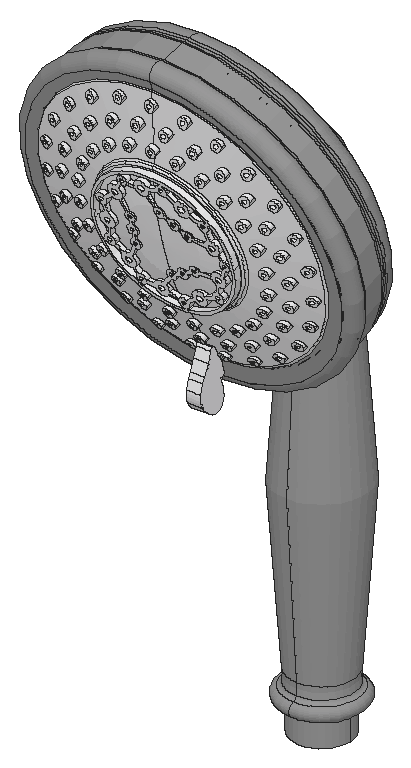
Revit family "Shower-Handshower-KOHLER-RAIN_DUET-K-98952T_1", category Plumbing Fixtures, host Face, Revit 2017 (continued)
Definition of nested family "K-98952T"
  Lines and regions (in)
    symbolic lines, detail levels medium+fine
      curve 473: spline (1.36501, 0, 7.89025) -> (1.36223, 0, 7.90806) -> (1.35488, 0, 7.92437) -> (1.34347, 0, 7.93809) -> (1.32876, 0, 7.94831) -> (1.31172, 0, 7.95434) -> (1.2935, 0, 7.95578) -> (1.27532, 0, 7.95253) -> (1.25839, 0, 7.94481) -> (1.24384, 0, 7.93313) -> (1.23264, 0, 7.91829) -> (1.22555, 0, 7.90126) -> (1.22304, 0, 7.88318)
      curve 474: spline (1.2227, 0, 7.88316) -> (1.22548, 0, 7.86537) -> (1.23281, 0, 7.84906) -> (1.24421, 0, 7.83535) -> (1.25892, 0, 7.82514) -> (1.27595, 0, 7.81911) -> (1.29417, 0, 7.81768) -> (1.31235, 0, 7.82092) -> (1.32929, 0, 7.82864) -> (1.34384, 0, 7.84031) -> (1.35504, 0, 7.85515) -> (1.36214, 0, 7.87217) -> (1.36466, 0, 7.89023)
      curve 475: spline (1.32459, 0, 7.89293) -> (1.32214, 0, 7.9004) -> (1.31781, 0, 7.90692) -> (1.31189, 0, 7.91205) -> (1.30477, 0, 7.91546) -> (1.29694, 0, 7.91691) -> (1.2889, 0, 7.91631) -> (1.2812, 0, 7.9137) -> (1.27434, 0, 7.90926) -> (1.2688, 0, 7.90327) -> (1.26492, 0, 7.89614) -> (1.26298, 0, 7.88834) -> (1.2631, 0, 7.88039)
      curve 476: spline (1.2631, 0, 7.88039) -> (1.26552, 0, 7.87288) -> (1.26984, 0, 7.86631) -> (1.27576, 0, 7.86113) -> (1.2829, 0, 7.85769) -> (1.29076, 0, 7.85622) -> (1.29883, 0, 7.85682) -> (1.30656, 0, 7.85944) -> (1.31343, 0, 7.86392) -> (1.31898, 0, 7.86994) -> (1.32284, 0, 7.87711) -> (1.32476, 0, 7.88495) -> (1.32459, 0, 7.89293)
      curve 477: spline (1.83122, 0, 8.1964) -> (1.8281, 0, 8.20353) -> (1.82342, 0, 8.20963) -> (1.81742, 0, 8.21434) -> (1.81045, 0, 8.21742) -> (1.80289, 0, 8.21868) -> (1.79516, 0, 8.21807) -> (1.78769, 0, 8.21561) -> (1.7809, 0, 8.21144) -> (1.77515, 0, 8.20579) -> (1.77078, 0, 8.19897) -> (1.76802, 0, 8.19137) -> (1.76703, 0, 8.18341)
      curve 478: spline (1.65903, 0, 7.88939) -> (1.65398, 0, 7.90663) -> (1.64466, 0, 7.92176) -> (1.63168, 0, 7.93379) -> (1.61588, 0, 7.94192) -> (1.5983, 0, 7.94564) -> (1.5801, 0, 7.94468) -> (1.56246, 0, 7.93912) -> (1.54654, 0, 7.92933) -> (1.53339, 0, 7.91593) -> (1.52385, 0, 7.89982) -> (1.51857, 0, 7.88203) -> (1.51788, 0, 7.86375)
      curve 479: spline (1.51788, 0, 7.86375) -> (1.52289, 0, 7.84648) -> (1.53219, 0, 7.83132) -> (1.54517, 0, 7.81927) -> (1.56098, 0, 7.81111) -> (1.57858, 0, 7.80739) -> (1.5968, 0, 7.80834) -> (1.61447, 0, 7.81391) -> (1.63041, 0, 7.82372) -> (1.64358, 0, 7.83714) -> (1.65311, 0, 7.85329) -> (1.65837, 0, 7.8711) -> (1.65903, 0, 7.88939)
      curve 480: spline (1.62626, 0, 7.88337) -> (1.62352, 0, 7.8926) -> (1.61851, 0, 7.90069) -> (1.61154, 0, 7.90712) -> (1.60307, 0, 7.91146) -> (1.59365, 0, 7.91343) -> (1.58391, 0, 7.9129) -> (1.57447, 0, 7.90991) -> (1.56596, 0, 7.90466) -> (1.55893, 0, 7.89747) -> (1.55384, 0, 7.88883) -> (1.55103, 0, 7.87931) -> (1.55067, 0, 7.86951)
      curve 481: spline (1.62626, 0, 7.88337) -> (1.62396, 0, 7.89314) -> (1.61914, 0, 7.9018) -> (1.61215, 0, 7.90875) -> (1.60347, 0, 7.91349) -> (1.59373, 0, 7.91569) -> (1.58361, 0, 7.9152) -> (1.57382, 0, 7.91204) -> (1.56505, 0, 7.90644) -> (1.55793, 0, 7.89881) -> (1.55295, 0, 7.88967) -> (1.55048, 0, 7.87967) -> (1.55067, 0, 7.86951)
      curve 482: spline (1.85576, 0, 7.73439) -> (1.85757, 0, 7.72615) -> (1.86139, 0, 7.71881) -> (1.86697, 0, 7.71283) -> (1.87396, 0, 7.70861) -> (1.88191, 0, 7.7064) -> (1.89031, 0, 7.70635) -> (1.89862, 0, 7.70847) -> (1.90632, 0, 7.71261) -> (1.91291, 0, 7.71851) -> (1.91797, 0, 7.7258) -> (1.92118, 0, 7.73401) -> (1.92233, 0, 7.74261)
      curve 483: spline (1.92233, 0, 7.74261) -> (1.92052, 0, 7.75084) -> (1.9167, 0, 7.75818) -> (1.91112, 0, 7.76414) -> (1.90414, 0, 7.76836) -> (1.89619, 0, 7.77057) -> (1.8878, 0, 7.77062) -> (1.87949, 0, 7.7685) -> (1.87179, 0, 7.76437) -> (1.8652, 0, 7.75847) -> (1.86014, 0, 7.75119) -> (1.85692, 0, 7.74298) -> (1.85576, 0, 7.73439)
      curve 484: spline (1.96023, 0, 7.74745) -> (1.9564, 0, 7.76502) -> (1.94828, 0, 7.78066) -> (1.93638, 0, 7.79339) -> (1.92147, 0, 7.8024) -> (1.9045, 0, 7.8071) -> (1.88655, 0, 7.80719) -> (1.86877, 0, 7.80268) -> (1.85229, 0, 7.79385) -> (1.83816, 0, 7.78126) -> (1.82729, 0, 7.76572) -> (1.82037, 0, 7.74821) -> (1.81784, 0, 7.72987)
      curve 485: spline (1.81784, 0, 7.72987) -> (1.82166, 0, 7.71229) -> (1.82977, 0, 7.69663) -> (1.84167, 0, 7.68389) -> (1.85658, 0, 7.67488) -> (1.87356, 0, 7.67017) -> (1.89151, 0, 7.67007) -> (1.9093, 0, 7.67459) -> (1.92579, 0, 7.68343) -> (1.93992, 0, 7.69603) -> (1.95079, 0, 7.71158) -> (1.95771, 0, 7.7291) -> (1.96023, 0, 7.74745)
      curve 486: spline (1.4098, 0, 7.55644) -> (1.40768, 0, 7.57411) -> (1.40095, 0, 7.5904) -> (1.39008, 0, 7.60423) -> (1.37578, 0, 7.61468) -> (1.35902, 0, 7.62105) -> (1.34091, 0, 7.62291) -> (1.32265, 0, 7.62015) -> (1.30547, 0, 7.61293) -> (1.29052, 0, 7.60176) -> (1.27879, 0, 7.58736) -> (1.27107, 0, 7.57071) -> (1.26786, 0, 7.55292)
      curve 487: spline (1.26786, 0, 7.55292) -> (1.27002, 0, 7.53527) -> (1.27677, 0, 7.51901) -> (1.28765, 0, 7.5052) -> (1.30194, 0, 7.49477) -> (1.31869, 0, 7.48842) -> (1.33678, 0, 7.48656) -> (1.35501, 0, 7.48932) -> (1.37217, 0, 7.49652) -> (1.38711, 0, 7.50767) -> (1.39884, 0, 7.52204) -> (1.40657, 0, 7.53867) -> (1.4098, 0, 7.55644)
      curve 488: spline (1.37149, 0, 7.55541) -> (1.3705, 0, 7.56355) -> (1.3674, 0, 7.57105) -> (1.36239, 0, 7.57742) -> (1.35581, 0, 7.58223) -> (1.3481, 0, 7.58516) -> (1.33977, 0, 7.58602) -> (1.33137, 0, 7.58475) -> (1.32347, 0, 7.58143) -> (1.3166, 0, 7.57628) -> (1.31121, 0, 7.56966) -> (1.30766, 0, 7.56199) -> (1.30619, 0, 7.55379)
      curve 489: spline (1.30619, 0, 7.55379) -> (1.30719, 0, 7.54566) -> (1.31029, 0, 7.53817) -> (1.3153, 0, 7.5318) -> (1.32188, 0, 7.527) -> (1.32959, 0, 7.52407) -> (1.33792, 0, 7.52321) -> (1.34631, 0, 7.52448) -> (1.3542, 0, 7.5278) -> (1.36108, 0, 7.53294) -> (1.36647, 0, 7.53956) -> (1.37002, 0, 7.54722) -> (1.37149, 0, 7.55541)
      curve 490: spline (1.68514, 0, 7.48931) -> (1.68345, 0, 7.50704) -> (1.67721, 0, 7.52342) -> (1.66682, 0, 7.53735) -> (1.65297, 0, 7.54794) -> (1.63657, 0, 7.55448) -> (1.61869, 0, 7.55655) -> (1.60051, 0, 7.55401) -> (1.58321, 0, 7.54703) -> (1.56794, 0, 7.53606) -> (1.55569, 0, 7.52183) -> (1.54727, 0, 7.50526) -> (1.54323, 0, 7.48745)
      curve 491: spline (1.54323, 0, 7.48745) -> (1.54498, 0, 7.46975) -> (1.55126, 0, 7.45342) -> (1.56166, 0, 7.43952) -> (1.5755, 0, 7.42897) -> (1.59188, 0, 7.42245) -> (1.60972, 0, 7.42039) -> (1.62787, 0, 7.42292) -> (1.64513, 0, 7.42988) -> (1.66038, 0, 7.44081) -> (1.67263, 0, 7.45501) -> (1.68106, 0, 7.47153) -> (1.68514, 0, 7.48931)
      curve 492: spline (1.64565, 0, 7.48874) -> (1.64488, 0, 7.49662) -> (1.64209, 0, 7.50388) -> (1.63747, 0, 7.51007) -> (1.63133, 0, 7.51476) -> (1.62406, 0, 7.51767) -> (1.61613, 0, 7.51859) -> (1.60808, 0, 7.51746) -> (1.60043, 0, 7.51436) -> (1.59367, 0, 7.5095) -> (1.58825, 0, 7.50318) -> (1.58453, 0, 7.49583) -> (1.58274, 0, 7.48793)
      curve 493: spline (1.64565, 0, 7.48874) -> (1.64533, 0, 7.49701) -> (1.64281, 0, 7.50472) -> (1.63826, 0, 7.51135) -> (1.63201, 0, 7.51641) -> (1.6245, 0, 7.51955) -> (1.61626, 0, 7.52055) -> (1.60789, 0, 7.51934) -> (1.59996, 0, 7.516) -> (1.59305, 0, 7.51076) -> (1.58764, 0, 7.50401) -> (1.58412, 0, 7.49621) -> (1.58274, 0, 7.48793)
      curve 494: spline (1.58274, 0, 7.48612) -> (1.58398, 0, 7.47835) -> (1.58721, 0, 7.47129) -> (1.5922, 0, 7.46542) -> (1.59864, 0, 7.46111) -> (1.6061, 0, 7.45864) -> (1.6141, 0, 7.45819) -> (1.62211, 0, 7.45977) -> (1.6296, 0, 7.46329) -> (1.63609, 0, 7.46852) -> (1.64115, 0, 7.4751) -> (1.64445, 0, 7.48262) -> (1.64578, 0, 7.49057)
      curve 495: spline (1.92809, 0, 7.28019) -> (1.92789, 0, 7.29802) -> (1.92313, 0, 7.31471) -> (1.91413, 0, 7.32919) -> (1.90147, 0, 7.34053) -> (1.88596, 0, 7.34799) -> (1.8686, 0, 7.3511) -> (1.85051, 0, 7.34966) -> (1.83285, 0, 7.34376) -> (1.81677, 0, 7.33377) -> (1.80329, 0, 7.32035) -> (1.7933, 0, 7.30435) -> (1.78742, 0, 7.28681)
      curve 496: spline (1.89386, 0, 7.28183) -> (1.89371, 0, 7.29098) -> (1.89124, 0, 7.29954) -> (1.88661, 0, 7.30697) -> (1.88011, 0, 7.31279) -> (1.87217, 0, 7.31663) -> (1.86329, 0, 7.31825) -> (1.85403, 0, 7.31753) -> (1.84501, 0, 7.31453) -> (1.83678, 0, 7.30943) -> (1.82989, 0, 7.30257) -> (1.82476, 0, 7.29438) -> (1.82174, 0, 7.28539)
      curve 497: spline (1.82174, 0, 7.28539) -> (1.8219, 0, 7.27625) -> (1.82437, 0, 7.2677) -> (1.829, 0, 7.26027) -> (1.8355, 0, 7.25446) -> (1.84344, 0, 7.25062) -> (1.85231, 0, 7.24901) -> (1.86156, 0, 7.24973) -> (1.87058, 0, 7.25273) -> (1.8788, 0, 7.25782) -> (1.8857, 0, 7.26467) -> (1.89083, 0, 7.27285) -> (1.89386, 0, 7.28183)
      curve 498: spline (1.78742, 0, 7.28681) -> (1.78777, 0, 7.26907) -> (1.79262, 0, 7.25247) -> (1.80167, 0, 7.23809) -> (1.81433, 0, 7.22684) -> (1.82979, 0, 7.21943) -> (1.84708, 0, 7.21634) -> (1.86508, 0, 7.21777) -> (1.88266, 0, 7.22362) -> (1.89868, 0, 7.23353) -> (1.91213, 0, 7.24685) -> (1.92214, 0, 7.26274) -> (1.92809, 0, 7.28019)
      curve 499: spline (1.36466, 0, 7.2243) -> (1.36223, 0, 7.24158) -> (1.35521, 0, 7.2574) -> (1.34408, 0, 7.2707) -> (1.32958, 0, 7.28058) -> (1.31267, 0, 7.2864) -> (1.2945, 0, 7.28776) -> (1.27627, 0, 7.28456) -> (1.2592, 0, 7.27703) -> (1.24444, 0, 7.26567) -> (1.23297, 0, 7.25123) -> (1.22556, 0, 7.23468) -> (1.2227, 0, 7.21713)
      curve 500: spline (1.22318, 0, 7.21715) -> (1.22563, 0, 7.19984) -> (1.23267, 0, 7.184) -> (1.24381, 0, 7.17068) -> (1.25833, 0, 7.16077) -> (1.27524, 0, 7.15494) -> (1.29342, 0, 7.15358) -> (1.31164, 0, 7.15678) -> (1.3287, 0, 7.16432) -> (1.34346, 0, 7.17571) -> (1.35492, 0, 7.19017) -> (1.36231, 0, 7.20674) -> (1.36516, 0, 7.22432)
      curve 501: spline (1.32452, 0, 7.21538) -> (1.32526, 0, 7.2232) -> (1.3239, 0, 7.23081) -> (1.32054, 0, 7.23772) -> (1.31539, 0, 7.24345) -> (1.3088, 0, 7.24763) -> (1.30121, 0, 7.24997) -> (1.29313, 0, 7.25032) -> (1.28509, 0, 7.24866) -> (1.27764, 0, 7.24509) -> (1.27127, 0, 7.23986) -> (1.2664, 0, 7.23331) -> (1.26336, 0, 7.22589)
      curve 502: spline (1.26336, 0, 7.22589) -> (1.26259, 0, 7.21806) -> (1.26394, 0, 7.21044) -> (1.26729, 0, 7.20352) -> (1.27244, 0, 7.19778) -> (1.27903, 0, 7.19359) -> (1.28663, 0, 7.19125) -> (1.29473, 0, 7.19089) -> (1.30278, 0, 7.19256) -> (1.31024, 0, 7.19614) -> (1.31662, 0, 7.20138) -> (1.32149, 0, 7.20794) -> (1.32452, 0, 7.21538)
      curve 503: spline (1.60646, 0, 7.10981) -> (1.60408, 0, 7.12695) -> (1.59716, 0, 7.14253) -> (1.58616, 0, 7.15552) -> (1.57181, 0, 7.16507) -> (1.55506, 0, 7.17054) -> (1.53701, 0, 7.17158) -> (1.51885, 0, 7.16811) -> (1.50178, 0, 7.16036) -> (1.48692, 0, 7.14885) -> (1.47527, 0, 7.13433) -> (1.46757, 0, 7.11776) -> (1.46435, 0, 7.10024)
      curve 504: spline (1.4653, 0, 7.1003) -> (1.46772, 0, 7.08312) -> (1.47466, 0, 7.06751) -> (1.48568, 0, 7.05449) -> (1.50004, 0, 7.04493) -> (1.5168, 0, 7.03945) -> (1.53486, 0, 7.03841) -> (1.55302, 0, 7.04188) -> (1.57008, 0, 7.04964) -> (1.58492, 0, 7.06117) -> (1.59656, 0, 7.07571) -> (1.60424, 0, 7.09231) -> (1.60744, 0, 7.10986)
      curve 505: spline (1.56768, 0, 7.09894) -> (1.56872, 0, 7.10713) -> (1.5676, 0, 7.11513) -> (1.56437, 0, 7.12239) -> (1.55925, 0, 7.12845) -> (1.55257, 0, 7.13291) -> (1.54479, 0, 7.13548) -> (1.5364, 0, 7.13597) -> (1.52796, 0, 7.13437) -> (1.52003, 0, 7.13077) -> (1.51313, 0, 7.12542) -> (1.50771, 0, 7.11867) -> (1.50413, 0, 7.11095)
      curve 506: spline (1.56768, 0, 7.09894) -> (1.56918, 0, 7.10738) -> (1.56837, 0, 7.11571) -> (1.56528, 0, 7.12334) -> (1.56015, 0, 7.12973) -> (1.55332, 0, 7.13443) -> (1.54529, 0, 7.13711) -> (1.53661, 0, 7.13759) -> (1.52789, 0, 7.13583) -> (1.51976, 0, 7.13194) -> (1.51278, 0, 7.12622) -> (1.50745, 0, 7.11906) -> (1.50413, 0, 7.11095)
      curve 507: spline (1.50306, 0, 7.10271) -> (1.50401, 0, 7.09536) -> (1.50674, 0, 7.08859) -> (1.5111, 0, 7.08277) -> (1.51685, 0, 7.07822) -> (1.52366, 0, 7.0752) -> (1.53117, 0, 7.07387) -> (1.53895, 0, 7.07431) -> (1.54658, 0, 7.07649) -> (1.55362, 0, 7.08029) -> (1.5597, 0, 7.0855) -> (1.56447, 0, 7.09184) -> (1.56768, 0, 7.09894)
      curve 508: spline (1.78152, 0, 6.85654) -> (1.77942, 0, 6.87338) -> (1.77281, 0, 6.8886) -> (1.7621, 0, 6.9012) -> (1.74802, 0, 6.91036) -> (1.73147, 0, 6.91548) -> (1.71353, 0, 6.91622) -> (1.69539, 0, 6.91253) -> (1.67822, 0, 6.90467) -> (1.66315, 0, 6.89313) -> (1.65116, 0, 6.87868) -> (1.64304, 0, 6.86226) -> (1.63931, 0, 6.84493)
      curve 509: spline (1.64119, 0, 6.84507) -> (1.64332, 0, 6.82818) -> (1.64998, 0, 6.81292) -> (1.66071, 0, 6.80029) -> (1.67481, 0, 6.79111) -> (1.69138, 0, 6.78598) -> (1.70932, 0, 6.78523) -> (1.72746, 0, 6.78892) -> (1.74461, 0, 6.7968) -> (1.75967, 0, 6.80836) -> (1.77164, 0, 6.82285) -> (1.77974, 0, 6.83931) -> (1.78344, 0, 6.85668)
      curve 510: spline (1.74446, 0, 6.85338) -> (1.74344, 0, 6.86136) -> (1.7403, 0, 6.86857) -> (1.73523, 0, 6.87455) -> (1.72857, 0, 6.87889) -> (1.72075, 0, 6.88132) -> (1.71229, 0, 6.88167) -> (1.70373, 0, 6.87993) -> (1.69564, 0, 6.8762) -> (1.68855, 0, 6.87074) -> (1.68292, 0, 6.86389) -> (1.67911, 0, 6.85611) -> (1.67738, 0, 6.8479)
      curve 511: spline (1.67827, 0, 6.84797) -> (1.67928, 0, 6.83999) -> (1.68242, 0, 6.83279) -> (1.68749, 0, 6.82682) -> (1.69415, 0, 6.82248) -> (1.70196, 0, 6.82006) -> (1.71042, 0, 6.8197) -> (1.71898, 0, 6.82145) -> (1.72707, 0, 6.82517) -> (1.73417, 0, 6.83063) -> (1.73981, 0, 6.83747) -> (1.74362, 0, 6.84524) -> (1.74536, 0, 6.85344)
      curve 512: spline (1.43512, 0, 6.75877) -> (1.43311, 0, 6.77555) -> (1.42648, 0, 6.79086) -> (1.41567, 0, 6.80368) -> (1.40141, 0, 6.81314) -> (1.38464, 0, 6.81862) -> (1.36651, 0, 6.81974) -> (1.34821, 0, 6.81643) -> (1.33098, 0, 6.80891) -> (1.31597, 0, 6.79769) -> (1.30419, 0, 6.78352) -> (1.29642, 0, 6.76734) -> (1.29319, 0, 6.75025)
      curve 513: spline (1.29463, 0, 6.75033) -> (1.29667, 0, 6.7335) -> (1.30333, 0, 6.71814) -> (1.31416, 0, 6.70528) -> (1.32845, 0, 6.69579) -> (1.34522, 0, 6.69029) -> (1.36336, 0, 6.68917) -> (1.38166, 0, 6.69248) -> (1.39888, 0, 6.70002) -> (1.41388, 0, 6.71127) -> (1.42564, 0, 6.72548) -> (1.43338, 0, 6.74171) -> (1.43659, 0, 6.75886)
      curve 514: spline (1.39778, 0, 6.75641) -> (1.39682, 0, 6.7643) -> (1.3937, 0, 6.7715) -> (1.38862, 0, 6.77753) -> (1.38193, 0, 6.78198) -> (1.37408, 0, 6.78456) -> (1.36558, 0, 6.78509) -> (1.35701, 0, 6.78353) -> (1.34894, 0, 6.78) -> (1.34192, 0, 6.77472) -> (1.33642, 0, 6.76806) -> (1.3328, 0, 6.76045) -> (1.3313, 0, 6.75242)
      curve 515: spline (1.33198, 0, 6.75245) -> (1.33293, 0, 6.74457) -> (1.33605, 0, 6.73738) -> (1.34112, 0, 6.73136) -> (1.34781, 0, 6.72691) -> (1.35567, 0, 6.72434) -> (1.36416, 0, 6.72381) -> (1.37273, 0, 6.72537) -> (1.3808, 0, 6.72889) -> (1.38782, 0, 6.73416) -> (1.39334, 0, 6.74082) -> (1.39696, 0, 6.74842) -> (1.39847, 0, 6.75645)
      curve 516: spline (1.23163, 0, 6.91434) -> (1.22942, 0, 6.93134) -> (1.22259, 0, 6.94694) -> (1.21158, 0, 6.96008) -> (1.19713, 0, 6.96989) -> (1.18023, 0, 6.97569) -> (1.16201, 0, 6.97711) -> (1.14371, 0, 6.97403) -> (1.12654, 0, 6.96667) -> (1.11168, 0, 6.95553) -> (1.10013, 0, 6.94135) -> (1.09266, 0, 6.9251) -> (1.08978, 0, 6.90787)
      curve 517: spline (1.09057, 0, 6.9079) -> (1.0928, 0, 6.89085) -> (1.09966, 0, 6.8752) -> (1.11069, 0, 6.86201) -> (1.12515, 0, 6.85218) -> (1.14206, 0, 6.84636) -> (1.16028, 0, 6.84494) -> (1.17859, 0, 6.84802) -> (1.19574, 0, 6.8554) -> (1.21059, 0, 6.86657) -> (1.22213, 0, 6.88079) -> (1.22958, 0, 6.89709) -> (1.23245, 0, 6.91437)
      curve 518: spline (1.19411, 0, 6.91251) -> (1.19306, 0, 6.92049) -> (1.18985, 0, 6.92782) -> (1.18469, 0, 6.93399) -> (1.17792, 0, 6.9386) -> (1.17001, 0, 6.94132) -> (1.16148, 0, 6.94199) -> (1.15292, 0, 6.94054) -> (1.14489, 0, 6.93709) -> (1.13794, 0, 6.93186) -> (1.13255, 0, 6.9252) -> (1.12906, 0, 6.91757) -> (1.12772, 0, 6.90948)
      curve 519: spline (1.1281, 0, 6.9095) -> (1.12914, 0, 6.90152) -> (1.13234, 0, 6.89421) -> (1.1375, 0, 6.88804) -> (1.14427, 0, 6.88344) -> (1.15218, 0, 6.88072) -> (1.16071, 0, 6.88006) -> (1.16927, 0, 6.8815) -> (1.1773, 0, 6.88495) -> (1.18425, 0, 6.89017) -> (1.18965, 0, 6.89682) -> (1.19314, 0, 6.90444) -> (1.19449, 0, 6.91252)
      curve 520: spline (1.52818, 0, 6.46993) -> (1.52663, 0, 6.48631) -> (1.52041, 0, 6.50121) -> (1.50994, 0, 6.51363) -> (1.49592, 0, 6.52273) -> (1.47929, 0, 6.52791) -> (1.46118, 0, 6.5288) -> (1.4428, 0, 6.52536) -> (1.42539, 0, 6.51781) -> (1.41012, 0, 6.50666) -> (1.39802, 0, 6.49266) -> (1.3899, 0, 6.47676) -> (1.38631, 0, 6.46002)
      curve 521: spline (1.38876, 0, 6.46019) -> (1.39034, 0, 6.44374) -> (1.39659, 0, 6.42878) -> (1.40709, 0, 6.41631) -> (1.42114, 0, 6.40717) -> (1.43778, 0, 6.40197) -> (1.4559, 0, 6.40107) -> (1.47428, 0, 6.40452) -> (1.49168, 0, 6.41209) -> (1.50694, 0, 6.42328) -> (1.51902, 0, 6.43733) -> (1.52711, 0, 6.4533) -> (1.53067, 0, 6.4701)
      curve 522: spline (1.49018, 0, 6.46715) -> (1.48946, 0, 6.47463) -> (1.48661, 0, 6.48145) -> (1.48183, 0, 6.48713) -> (1.47544, 0, 6.49129) -> (1.46787, 0, 6.49366) -> (1.45963, 0, 6.49407) -> (1.45127, 0, 6.4925) -> (1.44336, 0, 6.48905) -> (1.43642, 0, 6.48395) -> (1.43093, 0, 6.47756) -> (1.42726, 0, 6.47029) -> (1.42564, 0, 6.46264)
      curve 523: spline (1.42676, 0, 6.46272) -> (1.42748, 0, 6.45524) -> (1.43032, 0, 6.44844) -> (1.4351, 0, 6.44277) -> (1.44148, 0, 6.43861) -> (1.44905, 0, 6.43625) -> (1.45729, 0, 6.43584) -> (1.46565, 0, 6.43741) -> (1.47357, 0, 6.44085) -> (1.48051, 0, 6.44594) -> (1.486, 0, 6.45233) -> (1.48969, 0, 6.45958) -> (1.49131, 0, 6.46722)
      curve 524: spline (1.17634, 0, 6.45735) -> (1.17463, 0, 6.47379) -> (1.16819, 0, 6.48888) -> (1.15747, 0, 6.50159) -> (1.14319, 0, 6.51105) -> (1.12634, 0, 6.51661) -> (1.10806, 0, 6.51789) -> (1.08961, 0, 6.51481) -> (1.07224, 0, 6.50757) -> (1.05715, 0, 6.49668) -> (1.04537, 0, 6.48287) -> (1.03769, 0, 6.46709) -> (1.03466, 0, 6.45041)
      curve 525: spline (1.03627, 0, 6.45049) -> (1.038, 0, 6.43399) -> (1.04445, 0, 6.41884) -> (1.0552, 0, 6.40607) -> (1.06949, 0, 6.39658) -> (1.08635, 0, 6.39099) -> (1.10464, 0, 6.3897) -> (1.12309, 0, 6.39279) -> (1.14046, 0, 6.40005) -> (1.15554, 0, 6.41099) -> (1.16731, 0, 6.42485) -> (1.17496, 0, 6.44069) -> (1.17797, 0, 6.45743)
      curve 526: spline (1.13896, 0, 6.45541) -> (1.13815, 0, 6.46311) -> (1.13514, 0, 6.47018) -> (1.13013, 0, 6.47613) -> (1.12346, 0, 6.48056) -> (1.1156, 0, 6.48316) -> (1.10707, 0, 6.48377) -> (1.09847, 0, 6.48233) -> (1.09037, 0, 6.47894) -> (1.08334, 0, 6.47384) -> (1.07785, 0, 6.46737) -> (1.07429, 0, 6.45998) -> (1.07288, 0, 6.45218)
      curve 527: spline (1.07364, 0, 6.45221) -> (1.07444, 0, 6.44453) -> (1.07745, 0, 6.43747) -> (1.08245, 0, 6.43153) -> (1.08912, 0, 6.4271) -> (1.09698, 0, 6.4245) -> (1.10551, 0, 6.4239) -> (1.11411, 0, 6.42534) -> (1.12221, 0, 6.42872) -> (1.12925, 0, 6.43382) -> (1.13474, 0, 6.44027) -> (1.13831, 0, 6.44765) -> (1.13972, 0, 6.45545)
      curve 528: spline (1.14838, 0, 6.15426) -> (1.14775, 0, 6.16263) -> (1.1446, 0, 6.17031) -> (1.13915, 0, 6.17678) -> (1.13178, 0, 6.18157) -> (1.123, 0, 6.18437) -> (1.11342, 0, 6.18497) -> (1.10372, 0, 6.18333) -> (1.09455, 0, 6.17957) -> (1.08657, 0, 6.17395) -> (1.08032, 0, 6.16686) -> (1.07624, 0, 6.15879) -> (1.07462, 0, 6.1503)
      curve 529: spline (1.07592, 0, 6.15037) -> (1.07654, 0, 6.14202) -> (1.07969, 0, 6.13435) -> (1.08513, 0, 6.12789) -> (1.0925, 0, 6.1231) -> (1.10128, 0, 6.12031) -> (1.11085, 0, 6.11971) -> (1.12057, 0, 6.12135) -> (1.12973, 0, 6.1251) -> (1.13772, 0, 6.13072) -> (1.14398, 0, 6.1378) -> (1.14806, 0, 6.14586) -> (1.14969, 0, 6.15433)
      curve 530: spline (1.18168, 0, 6.15615) -> (1.18049, 0, 6.17212) -> (1.17447, 0, 6.18677) -> (1.16404, 0, 6.1991) -> (1.14992, 0, 6.20824) -> (1.1331, 0, 6.21357) -> (1.11475, 0, 6.21471) -> (1.09613, 0, 6.21159) -> (1.07854, 0, 6.20441) -> (1.06321, 0, 6.19368) -> (1.05121, 0, 6.18015) -> (1.04335, 0, 6.16475) -> (1.0402, 0, 6.14856)
      curve 531: spline (1.04264, 0, 6.14868) -> (1.04384, 0, 6.13265) -> (1.04988, 0, 6.11793) -> (1.06032, 0, 6.10554) -> (1.07446, 0, 6.09635) -> (1.09129, 0, 6.09099) -> (1.10966, 0, 6.08984) -> (1.12829, 0, 6.09298) -> (1.14587, 0, 6.10018) -> (1.16119, 0, 6.11096) -> (1.17318, 0, 6.12455) -> (1.18101, 0, 6.14002) -> (1.18413, 0, 6.15628)
      curve 532: spline (0.54174, 0, 9.38735) -> (0.53955, 0, 9.40621) -> (0.53244, 0, 9.42382) -> (0.52092, 0, 9.43892) -> (0.50582, 0, 9.45041) -> (0.48822, 0, 9.45748) -> (0.4694, 0, 9.45962) -> (0.4507, 0, 9.45666) -> (0.43348, 0, 9.44882) -> (0.41897, 0, 9.43668) -> (0.40821, 0, 9.42109) -> (0.40198, 0, 9.40319) -> (0.40073, 0, 9.38425)
      curve 533: spline (0.39951, 0, 9.38419) -> (0.40172, 0, 9.36535) -> (0.40884, 0, 9.34776) -> (0.42036, 0, 9.33269) -> (0.43546, 0, 9.32121) -> (0.45304, 0, 9.31415) -> (0.47184, 0, 9.31202) -> (0.49053, 0, 9.31498) -> (0.50774, 0, 9.3228) -> (0.52225, 0, 9.33493) -> (0.53302, 0, 9.35049) -> (0.53927, 0, 9.36838) -> (0.54055, 0, 9.3873)
      curve 534: spline (0.47664, 0, 9.4189) -> (0.46808, 0, 9.41899) -> (0.45978, 0, 9.41692) -> (0.45226, 0, 9.41281) -> (0.44603, 0, 9.40694) -> (0.44148, 0, 9.39968) -> (0.4389, 0, 9.3915) -> (0.43846, 0, 9.38292) -> (0.44019, 0, 9.37451) -> (0.44397, 0, 9.3668) -> (0.44957, 0, 9.3603) -> (0.45662, 0, 9.35541) -> (0.46467, 0, 9.35246)
      curve 535: spline (0.46467, 0, 9.35246) -> (0.47322, 0, 9.35238) -> (0.48151, 0, 9.35447) -> (0.489, 0, 9.35858) -> (0.49522, 0, 9.36445) -> (0.49977, 0, 9.3717) -> (0.50234, 0, 9.37987) -> (0.50278, 0, 9.38843) -> (0.50106, 0, 9.39684) -> (0.49729, 0, 9.40454) -> (0.49171, 0, 9.41104) -> (0.48467, 0, 9.41594) -> (0.47664, 0, 9.4189)
      curve 536: spline (0.27315, 0, 9.11866) -> (0.27271, 0, 9.1374) -> (0.26737, 0, 9.15536) -> (0.25749, 0, 9.17128) -> (0.24377, 0, 9.18404) -> (0.22718, 0, 9.19274) -> (0.20888, 0, 9.19677) -> (0.19016, 0, 9.19584) -> (0.17234, 0, 9.19003) -> (0.15667, 0, 9.17974) -> (0.14425, 0, 9.1657) -> (0.13596, 0, 9.14888) -> (0.13238, 0, 9.13048)
      curve 537: spline (0.13238, 0, 9.13048) -> (0.1327, 0, 9.11166) -> (0.13798, 0, 9.0936) -> (0.14783, 0, 9.07757) -> (0.16157, 0, 9.06472) -> (0.17822, 0, 9.05596) -> (0.1966, 0, 9.0519) -> (0.2154, 0, 9.05284) -> (0.23328, 0, 9.0587) -> (0.249, 0, 9.06908) -> (0.26141, 0, 9.08324) -> (0.26966, 0, 9.10016) -> (0.27315, 0, 9.11866)
      curve 538: spline (0.16879, 0, 9.12712) -> (0.16896, 0, 9.11805) -> (0.17151, 0, 9.10935) -> (0.17627, 0, 9.10163) -> (0.18289, 0, 9.09544) -> (0.19092, 0, 9.09122) -> (0.19978, 0, 9.08927) -> (0.20884, 0, 9.08972) -> (0.21746, 0, 9.09254) -> (0.22503, 0, 9.09754) -> (0.23102, 0, 9.10435) -> (0.23501, 0, 9.11251) -> (0.2367, 0, 9.12142)
      curve 539: spline (0.2367, 0, 9.12142) -> (0.2365, 0, 9.13047) -> (0.23393, 0, 9.13915) -> (0.22917, 0, 9.14684) -> (0.22255, 0, 9.15301) -> (0.21454, 0, 9.15721) -> (0.2057, 0, 9.15916) -> (0.19666, 0, 9.15871) -> (0.18806, 0, 9.1559) -> (0.18049, 0, 9.15093) -> (0.1745, 0, 9.14414) -> (0.1705, 0, 9.13601) -> (0.16879, 0, 9.12712)
      curve 540: spline (0.98338, 0, 9.22026) -> (0.98054, 0, 9.23903) -> (0.97293, 0, 9.2564) -> (0.96107, 0, 9.27113) -> (0.9458, 0, 9.2822) -> (0.9282, 0, 9.28883) -> (0.90951, 0, 9.29055) -> (0.89103, 0, 9.28724) -> (0.87407, 0, 9.27912) -> (0.85983, 0, 9.26679) -> (0.84931, 0, 9.25109) -> (0.84324, 0, 9.23314) -> (0.84205, 0, 9.21419)
      curve 541: spline (0.83997, 0, 9.21409) -> (0.8428, 0, 9.19533) -> (0.8504, 0, 9.17798) -> (0.86225, 0, 9.16326) -> (0.8775, 0, 9.1522) -> (0.89508, 0, 9.14558) -> (0.91377, 0, 9.14386) -> (0.93223, 0, 9.14717) -> (0.94919, 0, 9.15528) -> (0.96344, 0, 9.16761) -> (0.97398, 0, 9.18329) -> (0.98008, 0, 9.20123) -> (0.98129, 0, 9.22016)
      curve 542: spline (0.94662, 0, 9.21858) -> (0.94524, 0, 9.22773) -> (0.94153, 0, 9.23619) -> (0.93575, 0, 9.24337) -> (0.92831, 0, 9.24877) -> (0.91973, 0, 9.252) -> (0.91062, 0, 9.25284) -> (0.90162, 0, 9.25122) -> (0.89335, 0, 9.24727) -> (0.8864, 0, 9.24125) -> (0.88127, 0, 9.2336) -> (0.8783, 0, 9.22485) -> (0.87772, 0, 9.21562)
      curve 543: spline (0.8767, 0, 9.21557) -> (0.87809, 0, 9.20642) -> (0.8818, 0, 9.19796) -> (0.88758, 0, 9.19079) -> (0.89502, 0, 9.18539) -> (0.9036, 0, 9.18216) -> (0.91271, 0, 9.18133) -> (0.92171, 0, 9.18294) -> (0.92998, 0, 9.18689) -> (0.93692, 0, 9.1929) -> (0.94205, 0, 9.20055) -> (0.94502, 0, 9.2093) -> (0.9456, 0, 9.21853)
      curve 544: spline (0.66607, 0, 9.02953) -> (0.66359, 0, 9.04813) -> (0.65633, 0, 9.06541) -> (0.64481, 0, 9.08016) -> (0.62981, 0, 9.09134) -> (0.61241, 0, 9.09818) -> (0.59381, 0, 9.10019) -> (0.57532, 0, 9.09723) -> (0.55823, 0, 9.08952) -> (0.54374, 0, 9.07758) -> (0.53286, 0, 9.06226) -> (0.52636, 0, 9.04464) -> (0.52469, 0, 9.02593)
      curve 545: spline (0.52366, 0, 9.02589) -> (0.52615, 0, 9.00731) -> (0.53341, 0, 8.99005) -> (0.54493, 0, 8.97532) -> (0.55992, 0, 8.96416) -> (0.57731, 0, 8.95733) -> (0.5959, 0, 8.95532) -> (0.61438, 0, 8.95828) -> (0.63146, 0, 8.96598) -> (0.64596, 0, 8.9779) -> (0.65684, 0, 8.9932) -> (0.66337, 0, 9.01081) -> (0.66506, 0, 9.0295)
      curve 546: spline (0.63272, 0, 9.0286) -> (0.6314, 0, 9.03848) -> (0.62755, 0, 9.04766) -> (0.62142, 0, 9.0555) -> (0.61346, 0, 9.06144) -> (0.60421, 0, 9.06508) -> (0.59432, 0, 9.06614) -> (0.58449, 0, 9.06457) -> (0.57541, 0, 9.06047) -> (0.5677, 0, 9.05413) -> (0.56192, 0, 9.04599) -> (0.55846, 0, 9.03662) -> (0.55757, 0, 9.02668)
      curve 547: spline (0.55701, 0, 9.02666) -> (0.55833, 0, 9.01678) -> (0.56219, 0, 9.0076) -> (0.56832, 0, 8.99977) -> (0.57628, 0, 8.99383) -> (0.58553, 0, 8.9902) -> (0.59541, 0, 8.98913) -> (0.60524, 0, 8.9907) -> (0.61432, 0, 8.9948) -> (0.62202, 0, 9.00114) -> (0.62781, 0, 9.00928) -> (0.63127, 0, 9.01864) -> (0.63216, 0, 9.02858)
      curve 548: spline (1.2232, 0, 8.94487) -> (1.22435, 0, 8.93505) -> (1.22679, 0, 8.92549) -> (1.23048, 0, 8.91637) -> (1.23536, 0, 8.90787) -> (1.24133, 0, 8.90013) -> (1.24828, 0, 8.8933) -> (1.25609, 0, 8.88752) -> (1.2646, 0, 8.88288) -> (1.27366, 0, 8.87947) -> (1.28311, 0, 8.87737) -> (1.29275, 0, 8.8766) -> (1.30242, 0, 8.87718)
      curve 549: spline (1.332, 0, 8.95146) -> (1.3314, 0, 8.95651) -> (1.33014, 0, 8.96143) -> (1.32822, 0, 8.96611) -> (1.32569, 0, 8.97048) -> (1.3226, 0, 8.97444) -> (1.319, 0, 8.97793) -> (1.31496, 0, 8.98087) -> (1.31056, 0, 8.98322) -> (1.30588, 0, 8.98492) -> (1.30102, 0, 8.98595) -> (1.29605, 0, 8.98628) -> (1.29108, 0, 8.98591)
      curve 550: spline (1.29108, 0, 8.98591) -> (1.27769, 0, 8.98168) -> (1.26684, 0, 8.97259) -> (1.26013, 0, 8.95999) -> (1.25858, 0, 8.94576) -> (1.26241, 0, 8.93204) -> (1.27106, 0, 8.92087) -> (1.28322, 0, 8.91392) -> (1.29709, 0, 8.91223) -> (1.3106, 0, 8.91605) -> (1.32171, 0, 8.92481) -> (1.32878, 0, 8.93721) -> (1.33074, 0, 8.95138)
      curve 551: spline (1.02168, 0, 8.84288) -> (1.01883, 0, 8.86137) -> (1.0113, 0, 8.87843) -> (0.99961, 0, 8.89288) -> (0.98457, 0, 8.90373) -> (0.9672, 0, 8.91023) -> (0.9487, 0, 8.91193) -> (0.93036, 0, 8.90872) -> (0.91343, 0, 8.90081) -> (0.89907, 0, 8.88876) -> (0.88828, 0, 8.87339) -> (0.8818, 0, 8.85576) -> (0.88007, 0, 8.83708)
      curve 552: spline (0.87868, 0, 8.83702) -> (0.88152, 0, 8.81855) -> (0.88903, 0, 8.80151) -> (0.9007, 0, 8.78707) -> (0.91574, 0, 8.77624) -> (0.93309, 0, 8.76975) -> (0.95158, 0, 8.76805) -> (0.96992, 0, 8.77126) -> (0.98686, 0, 8.77915) -> (1.00122, 0, 8.79119) -> (1.01203, 0, 8.80655) -> (1.01853, 0, 8.82416) -> (1.02028, 0, 8.84282)
      curve 553: spline (0.98471, 0, 8.84127) -> (0.98334, 0, 8.8502) -> (0.97971, 0, 8.85843) -> (0.97406, 0, 8.86541) -> (0.9668, 0, 8.87065) -> (0.95841, 0, 8.87379) -> (0.94947, 0, 8.87461) -> (0.94061, 0, 8.87306) -> (0.93243, 0, 8.86924) -> (0.92549, 0, 8.86342) -> (0.92027, 0, 8.856) -> (0.91714, 0, 8.84748) -> (0.9163, 0, 8.83846)
      curve 554: spline (0.91563, 0, 8.83844) -> (0.91701, 0, 8.8295) -> (0.92064, 0, 8.82127) -> (0.92629, 0, 8.81429) -> (0.93356, 0, 8.80905) -> (0.94195, 0, 8.80591) -> (0.95088, 0, 8.80509) -> (0.95974, 0, 8.80664) -> (0.96792, 0, 8.81046) -> (0.97486, 0, 8.81628) -> (0.98007, 0, 8.8237) -> (0.9832, 0, 8.83222) -> (0.98404, 0, 8.84124)
      curve 555: spline (0.41702, 0, 8.79698) -> (0.41466, 0, 8.81538) -> (0.40756, 0, 8.8325) -> (0.39621, 0, 8.84716) -> (0.3814, 0, 8.85835) -> (0.36415, 0, 8.86529) -> (0.34566, 0, 8.86749) -> (0.32722, 0, 8.86481) -> (0.31009, 0, 8.85743) -> (0.29547, 0, 8.84586) -> (0.28437, 0, 8.8309) -> (0.27755, 0, 8.8136) -> (0.2755, 0, 8.79515)
      curve 556: spline (0.27511, 0, 8.79514) -> (0.27748, 0, 8.77677) -> (0.28458, 0, 8.75967) -> (0.29593, 0, 8.74503) -> (0.31074, 0, 8.73386) -> (0.32798, 0, 8.72693) -> (0.34645, 0, 8.72473) -> (0.36489, 0, 8.72741) -> (0.38202, 0, 8.73478) -> (0.39664, 0, 8.74633) -> (0.40775, 0, 8.76126) -> (0.41457, 0, 8.77855) -> (0.41664, 0, 8.79698)
      curve 557: spline (0.37782, 0, 8.78988) -> (0.37848, 0, 8.79832) -> (0.3769, 0, 8.80664) -> (0.3732, 0, 8.81425) -> (0.36764, 0, 8.82063) -> (0.36059, 0, 8.82533) -> (0.35254, 0, 8.82804) -> (0.34405, 0, 8.82857) -> (0.33571, 0, 8.82688) -> (0.32809, 0, 8.82308) -> (0.32171, 0, 8.81745) -> (0.31702, 0, 8.81036) -> (0.31434, 0, 8.80231)
      curve 558: spline (0.31434, 0, 8.80231) -> (0.31364, 0, 8.79383) -> (0.31518, 0, 8.78547) -> (0.31887, 0, 8.77781) -> (0.32444, 0, 8.77139) -> (0.33151, 0, 8.76666) -> (0.33959, 0, 8.76393) -> (0.34811, 0, 8.76341) -> (0.35648, 0, 8.76512) -> (0.36412, 0, 8.76895) -> (0.3705, 0, 8.77464) -> (0.37518, 0, 8.78178) -> (0.37782, 0, 8.78988)
      curve 559: spline (0.74127, 0, 8.66783) -> (0.7387, 0, 8.68615) -> (0.73143, 0, 8.70311) -> (0.71998, 0, 8.71756) -> (0.70511, 0, 8.72851) -> (0.68787, 0, 8.73519) -> (0.66942, 0, 8.73715) -> (0.65105, 0, 8.73426) -> (0.63401, 0, 8.72671) -> (0.61947, 0, 8.71503) -> (0.60844, 0, 8.70001) -> (0.60168, 0, 8.68269) -> (0.59965, 0, 8.66426)
      curve 560: spline (0.7034, 0, 8.66679) -> (0.7022, 0, 8.67535) -> (0.6988, 0, 8.68328) -> (0.69345, 0, 8.69004) -> (0.6865, 0, 8.69516) -> (0.67843, 0, 8.69828) -> (0.6698, 0, 8.6992) -> (0.66121, 0, 8.69785) -> (0.65323, 0, 8.69432) -> (0.64643, 0, 8.68885) -> (0.64127, 0, 8.68183) -> (0.6381, 0, 8.67374) -> (0.63715, 0, 8.66512)
      curve 561: spline (0.63684, 0, 8.66511) -> (0.63804, 0, 8.65655) -> (0.64144, 0, 8.64861) -> (0.6468, 0, 8.64186) -> (0.65375, 0, 8.63674) -> (0.66182, 0, 8.63361) -> (0.67045, 0, 8.6327) -> (0.67904, 0, 8.63405) -> (0.68701, 0, 8.63758) -> (0.69381, 0, 8.64304) -> (0.69897, 0, 8.65006) -> (0.70214, 0, 8.65816) -> (0.70309, 0, 8.66678)
      curve 562: spline (0.59899, 0, 8.66424) -> (0.60155, 0, 8.64596) -> (0.60881, 0, 8.62901) -> (0.62025, 0, 8.61458) -> (0.63511, 0, 8.60366) -> (0.65235, 0, 8.59698) -> (0.67078, 0, 8.59503) -> (0.68915, 0, 8.59791) -> (0.70619, 0, 8.60545) -> (0.72073, 0, 8.61712) -> (0.73177, 0, 8.63212) -> (0.73855, 0, 8.64941) -> (0.74061, 0, 8.66782)
      curve 563: spline (1.0185, 0, 8.46565) -> (1.01331, 0, 8.49087) -> (0.99935, 0, 8.51237) -> (0.97847, 0, 8.52728) -> (0.95348, 0, 8.53361) -> (0.9277, 0, 8.53051) -> (0.90459, 0, 8.5184) -> (0.88722, 0, 8.49889) -> (0.87792, 0, 8.47459) -> (0.87793, 0, 8.44875) -> (0.88725, 0, 8.42481) -> (0.90463, 0, 8.40598) -> (0.92776, 0, 8.39477)
      curve 564: spline (0.92776, 0, 8.39477) -> (0.93852, 0, 8.39286) -> (0.94947, 0, 8.39264) -> (0.96037, 0, 8.39411) -> (0.97094, 0, 8.39722) -> (0.98093, 0, 8.40192) -> (0.99011, 0, 8.40808) -> (0.99826, 0, 8.41556) -> (1.00517, 0, 8.42418) -> (1.01069, 0, 8.43373) -> (1.01468, 0, 8.44399) -> (1.01705, 0, 8.4547) -> (1.01774, 0, 8.46562)
      curve 565: spline (0.95482, 0, 8.49697) -> (0.94965, 0, 8.49759) -> (0.94444, 0, 8.49743) -> (0.9393, 0, 8.4965) -> (0.93434, 0, 8.49481) -> (0.92967, 0, 8.49241) -> (0.92541, 0, 8.48935) -> (0.92163, 0, 8.48569) -> (0.91844, 0, 8.48152) -> (0.9159, 0, 8.47694) -> (0.91406, 0, 8.47204) -> (0.91298, 0, 8.46694) -> (0.91267, 0, 8.46175)
      curve 566: spline (0.9123, 0, 8.46173) -> (0.91491, 0, 8.44921) -> (0.92193, 0, 8.43858) -> (0.93239, 0, 8.4313) -> (0.94486, 0, 8.42837) -> (0.95764, 0, 8.43019) -> (0.96896, 0, 8.43651) -> (0.97728, 0, 8.44647) -> (0.98146, 0, 8.45869) -> (0.98091, 0, 8.47151) -> (0.97573, 0, 8.48317) -> (0.96661, 0, 8.49206) -> (0.95482, 0, 8.49697)
      curve 567: spline (0.73992, 0, 6.44225) -> (0.73799, 0, 6.45879) -> (0.73131, 0, 6.47411) -> (0.72034, 0, 6.48714) -> (0.70583, 0, 6.49699) -> (0.6888, 0, 6.50297) -> (0.67041, 0, 6.50468) -> (0.65193, 0, 6.50199) -> (0.63464, 0, 6.49509) -> (0.61973, 0, 6.48446) -> (0.60823, 0, 6.47083) -> (0.60094, 0, 6.45514) -> (0.59835, 0, 6.43847)
      curve 568: spline (0.59916, 0, 6.43849) -> (0.60109, 0, 6.42189) -> (0.60778, 0, 6.40651) -> (0.61876, 0, 6.39343) -> (0.63327, 0, 6.38354) -> (0.65032, 0, 6.37753) -> (0.66872, 0, 6.37582) -> (0.6872, 0, 6.37852) -> (0.7045, 0, 6.38544) -> (0.7194, 0, 6.39611) -> (0.73089, 0, 6.40979) -> (0.73816, 0, 6.42554) -> (0.74073, 0, 6.44227)
      curve 569: spline (0.70419, 0, 6.44121) -> (0.70323, 0, 6.44938) -> (0.69994, 0, 6.45695) -> (0.69453, 0, 6.46338) -> (0.68739, 0, 6.46825) -> (0.679, 0, 6.47121) -> (0.66994, 0, 6.47205) -> (0.66084, 0, 6.47072) -> (0.65233, 0, 6.46732) -> (0.64499, 0, 6.46207) -> (0.63934, 0, 6.45533) -> (0.63575, 0, 6.44758) -> (0.63449, 0, 6.43935)
      curve 570: spline (0.63488, 0, 6.43936) -> (0.63583, 0, 6.4312) -> (0.63912, 0, 6.42364) -> (0.64453, 0, 6.41721) -> (0.65167, 0, 6.41235) -> (0.66006, 0, 6.4094) -> (0.66912, 0, 6.40856) -> (0.67822, 0, 6.40988) -> (0.68673, 0, 6.41329) -> (0.69407, 0, 6.41853) -> (0.69973, 0, 6.42525) -> (0.70332, 0, 6.43299) -> (0.70458, 0, 6.44122)
      curve 571: spline (0.41701, 0, 6.31183) -> (0.41505, 0, 6.32826) -> (0.4083, 0, 6.34355) -> (0.39723, 0, 6.35664) -> (0.38262, 0, 6.36661) -> (0.36548, 0, 6.37278) -> (0.34701, 0, 6.37471) -> (0.32848, 0, 6.37227) -> (0.3112, 0, 6.36562) -> (0.29635, 0, 6.35524) -> (0.28499, 0, 6.34184) -> (0.27789, 0, 6.32636) -> (0.27555, 0, 6.30987)
      curve 572: spline (0.27603, 0, 6.30987) -> (0.27798, 0, 6.2934) -> (0.28472, 0, 6.27807) -> (0.29578, 0, 6.26494) -> (0.3104, 0, 6.25494) -> (0.32755, 0, 6.24875) -> (0.34603, 0, 6.24682) -> (0.36457, 0, 6.24927) -> (0.38186, 0, 6.25593) -> (0.39671, 0, 6.26634) -> (0.40807, 0, 6.27978) -> (0.41515, 0, 6.2953) -> (0.41747, 0, 6.31183)
      curve 573: spline (0.38023, 0, 6.31687) -> (0.37763, 0, 6.32452) -> (0.37285, 0, 6.33125) -> (0.36622, 0, 6.33659) -> (0.3582, 0, 6.34016) -> (0.34936, 0, 6.34171) -> (0.34031, 0, 6.34113) -> (0.33169, 0, 6.33847) -> (0.3241, 0, 6.33391) -> (0.31806, 0, 6.32777) -> (0.31401, 0, 6.32047) -> (0.31222, 0, 6.31254) -> (0.31281, 0, 6.30452)
      curve 574: spline (0.31281, 0, 6.30452) -> (0.31544, 0, 6.2969) -> (0.32024, 0, 6.29021) -> (0.32687, 0, 6.28492) -> (0.33487, 0, 6.28138) -> (0.34368, 0, 6.27985) -> (0.3527, 0, 6.28043) -> (0.3613, 0, 6.28307) -> (0.36888, 0, 6.28761) -> (0.37491, 0, 6.29372) -> (0.37897, 0, 6.30097) -> (0.38079, 0, 6.30887) -> (0.38023, 0, 6.31687)
      curve 575: spline (0.70907, 0, 6.22452) -> (0.71064, 0, 6.20829) -> (0.71704, 0, 6.19328) -> (0.72781, 0, 6.18054) -> (0.74221, 0, 6.17096) -> (0.75923, 0, 6.16521) -> (0.77768, 0, 6.16368) -> (0.79627, 0, 6.16649) -> (0.81371, 0, 6.17344) -> (0.82878, 0, 6.18404) -> (0.84043, 0, 6.19756) -> (0.84784, 0, 6.21305) -> (0.8505, 0, 6.22943)
      curve 576: spline (0.84912, 0, 6.22938) -> (0.84754, 0, 6.24555) -> (0.84115, 0, 6.2605) -> (0.83038, 0, 6.27319) -> (0.816, 0, 6.28273) -> (0.79899, 0, 6.28846) -> (0.78056, 0, 6.28997) -> (0.76197, 0, 6.28717) -> (0.74453, 0, 6.28025) -> (0.72946, 0, 6.26969) -> (0.7178, 0, 6.25623) -> (0.71037, 0, 6.2408) -> (0.70768, 0, 6.22448)
      curve 577: spline (0.81045, 0, 6.22794) -> (0.80974, 0, 6.23521) -> (0.80687, 0, 6.24193) -> (0.80204, 0, 6.24763) -> (0.7956, 0, 6.25192) -> (0.78798, 0, 6.2545) -> (0.77971, 0, 6.25518) -> (0.77139, 0, 6.25392) -> (0.76358, 0, 6.25081) -> (0.75683, 0, 6.24607) -> (0.75161, 0, 6.24001) -> (0.74829, 0, 6.23308) -> (0.74709, 0, 6.22575)
      curve 578: spline (0.74772, 0, 6.22577) -> (0.74842, 0, 6.21851) -> (0.75129, 0, 6.2118) -> (0.75611, 0, 6.2061) -> (0.76256, 0, 6.20182) -> (0.77018, 0, 6.19924) -> (0.77844, 0, 6.19856) -> (0.78677, 0, 6.19982) -> (0.79458, 0, 6.20293) -> (0.80133, 0, 6.20767) -> (0.80655, 0, 6.21371) -> (0.80987, 0, 6.22064) -> (0.81107, 0, 6.22796)
      curve 579: spline (0.76532, 0, 5.93783) -> (0.7642, 0, 5.95348) -> (0.75813, 0, 5.968) -> (0.74754, 0, 5.98035) -> (0.73319, 0, 5.98965) -> (0.7161, 0, 5.99524) -> (0.6975, 0, 5.99672) -> (0.6787, 0, 5.99397) -> (0.66107, 0, 5.98721) -> (0.64584, 0, 5.97691) -> (0.63411, 0, 5.9638) -> (0.62673, 0, 5.94883) -> (0.62421, 0, 5.93306)
      curve 580: spline (0.62601, 0, 5.9331) -> (0.62711, 0, 5.91739) -> (0.63318, 0, 5.90281) -> (0.64377, 0, 5.8904) -> (0.65813, 0, 5.88106) -> (0.67524, 0, 5.87544) -> (0.69386, 0, 5.87396) -> (0.71266, 0, 5.87671) -> (0.73031, 0, 5.8835) -> (0.74553, 0, 5.89385) -> (0.75725, 0, 5.90701) -> (0.76461, 0, 5.92204) -> (0.7671, 0, 5.93787)
      curve 581: spline (0.72646, 0, 5.9448) -> (0.72331, 0, 5.95128) -> (0.71814, 0, 5.9567) -> (0.71134, 0, 5.96066) -> (0.70338, 0, 5.96287) -> (0.69484, 0, 5.96319) -> (0.68633, 0, 5.96157) -> (0.67847, 0, 5.95815) -> (0.67181, 0, 5.95317) -> (0.66684, 0, 5.94698) -> (0.66391, 0, 5.94002) -> (0.66323, 0, 5.93281) -> (0.66485, 0, 5.92585)
      curve 582: spline (0.66485, 0, 5.92585) -> (0.66802, 0, 5.91939) -> (0.67319, 0, 5.914) -> (0.68, 0, 5.91006) -> (0.68795, 0, 5.90787) -> (0.69647, 0, 5.90756) -> (0.70497, 0, 5.90918) -> (0.71282, 0, 5.91259) -> (0.71947, 0, 5.91756) -> (0.72444, 0, 5.92373) -> (0.72738, 0, 5.93066) -> (0.72807, 0, 5.93786) -> (0.72646, 0, 5.9448)
      curve 583: spline (0.30654, 0, 5.82661) -> (0.30353, 0, 5.84194) -> (0.2956, 0, 5.85595) -> (0.28334, 0, 5.8676) -> (0.26762, 0, 5.87605) -> (0.2496, 0, 5.88069) -> (0.23058, 0, 5.88117) -> (0.21197, 0, 5.87746) -> (0.19511, 0, 5.86984) -> (0.18122, 0, 5.85885) -> (0.17133, 0, 5.84529) -> (0.16616, 0, 5.83017) -> (0.16607, 0, 5.81457)
      curve 584: spline (0.26683, 0, 5.82326) -> (0.26552, 0, 5.82993) -> (0.26206, 0, 5.83601) -> (0.25673, 0, 5.84108) -> (0.2499, 0, 5.84475) -> (0.24207, 0, 5.84677) -> (0.23381, 0, 5.84698) -> (0.22572, 0, 5.84536) -> (0.21839, 0, 5.84205) -> (0.21236, 0, 5.83727) -> (0.20805, 0, 5.83138) -> (0.2058, 0, 5.8248) -> (0.20575, 0, 5.81802)
      curve 585: spline (0.20575, 0, 5.81802) -> (0.20708, 0, 5.81137) -> (0.21054, 0, 5.8053) -> (0.21587, 0, 5.80025) -> (0.2227, 0, 5.79659) -> (0.23052, 0, 5.79458) -> (0.23877, 0, 5.79437) -> (0.24685, 0, 5.79598) -> (0.25417, 0, 5.79928) -> (0.2602, 0, 5.80405) -> (0.26451, 0, 5.80992) -> (0.26677, 0, 5.81649) -> (0.26683, 0, 5.82326)
      curve 586: spline (0.16607, 0, 5.81457) -> (0.16915, 0, 5.79928) -> (0.17711, 0, 5.78532) -> (0.18938, 0, 5.77372) -> (0.20507, 0, 5.76531) -> (0.22304, 0, 5.7607) -> (0.242, 0, 5.76022) -> (0.26056, 0, 5.76391) -> (0.27738, 0, 5.77151) -> (0.29125, 0, 5.78245) -> (0.30115, 0, 5.79596) -> (0.30637, 0, 5.81104) -> (0.30654, 0, 5.82661)
      curve 587: spline (0.47261, 0, 6.08492) -> (0.47098, 0, 6.10093) -> (0.46447, 0, 6.11584) -> (0.45354, 0, 6.1286) -> (0.43897, 0, 6.1383) -> (0.42179, 0, 6.14427) -> (0.40321, 0, 6.14608) -> (0.38455, 0, 6.1436) -> (0.36712, 0, 6.13701) -> (0.35216, 0, 6.12677) -> (0.34073, 0, 6.11361) -> (0.33363, 0, 6.09846) -> (0.33136, 0, 6.08238)
      curve 588: spline (0.437, 0, 6.0898) -> (0.43448, 0, 6.09748) -> (0.42966, 0, 6.10423) -> (0.42289, 0, 6.10958) -> (0.41465, 0, 6.11315) -> (0.40553, 0, 6.11469) -> (0.39617, 0, 6.11407) -> (0.38724, 0, 6.11136) -> (0.37937, 0, 6.10674) -> (0.37312, 0, 6.10054) -> (0.36894, 0, 6.09319) -> (0.36711, 0, 6.08523) -> (0.36778, 0, 6.07722)
      curve 589: spline (0.36778, 0, 6.07722) -> (0.37033, 0, 6.06957) -> (0.37515, 0, 6.06285) -> (0.38192, 0, 6.05753) -> (0.39015, 0, 6.05398) -> (0.39925, 0, 6.05246) -> (0.40859, 0, 6.05308) -> (0.4175, 0, 6.05578) -> (0.42536, 0, 6.06039) -> (0.43161, 0, 6.06656) -> (0.4358, 0, 6.07388) -> (0.43764, 0, 6.08181) -> (0.437, 0, 6.0898)
      curve 590: spline (0.33218, 0, 6.08238) -> (0.33379, 0, 6.06634) -> (0.34029, 0, 6.05139) -> (0.35122, 0, 6.03859) -> (0.36579, 0, 6.02885) -> (0.38298, 0, 6.02286) -> (0.40157, 0, 6.02104) -> (0.42025, 0, 6.02353) -> (0.43768, 0, 6.03014) -> (0.45265, 0, 6.04041) -> (0.46408, 0, 6.05361) -> (0.47116, 0, 6.06881) -> (0.4734, 0, 6.08493)
      curve 591: spline (1.01836, 0, 6.64779) -> (1.01427, 0, 6.67075) -> (1.00143, 0, 6.69037) -> (0.98154, 0, 6.70407) -> (0.95719, 0, 6.71007) -> (0.93158, 0, 6.70756) -> (0.90804, 0, 6.6969) -> (0.88968, 0, 6.67946) -> (0.87888, 0, 6.65753) -> (0.87707, 0, 6.63399) -> (0.88448, 0, 6.61191) -> (0.90014, 0, 6.59419) -> (0.922, 0, 6.58315)
      curve 592: spline (0.922, 0, 6.58315) -> (0.9329, 0, 6.58064) -> (0.9442, 0, 6.5798) -> (0.95561, 0, 6.58066) -> (0.96683, 0, 6.58318) -> (0.97757, 0, 6.58731) -> (0.98756, 0, 6.59294) -> (0.99654, 0, 6.59992) -> (1.00427, 0, 6.60807) -> (1.01055, 0, 6.61718) -> (1.01522, 0, 6.62702) -> (1.01816, 0, 6.63732) -> (1.01929, 0, 6.64782)
      curve 593: spline (0.95622, 0, 6.67398) -> (0.95146, 0, 6.67456) -> (0.9466, 0, 6.67447) -> (0.94178, 0, 6.67371) -> (0.93709, 0, 6.67228) -> (0.93264, 0, 6.67024) -> (0.92854, 0, 6.66761) -> (0.92489, 0, 6.66447) -> (0.92175, 0, 6.66088) -> (0.91922, 0, 6.65693) -> (0.91733, 0, 6.65271) -> (0.91615, 0, 6.64831) -> (0.91569, 0, 6.64384)
      curve 594: spline (0.91611, 0, 6.64385) -> (0.91807, 0, 6.63318) -> (0.92417, 0, 6.62414) -> (0.93359, 0, 6.61798) -> (0.94501, 0, 6.61555) -> (0.95686, 0, 6.61717) -> (0.96752, 0, 6.62263) -> (0.97551, 0, 6.63118) -> (0.97974, 0, 6.64163) -> (0.97962, 0, 6.65255) -> (0.97516, 0, 6.66244) -> (0.96699, 0, 6.66992) -> (0.95622, 0, 6.67398)
      curve 595: line (-0.06748, 0, 5.92039) -> (0.06001, 0, 5.92039)
      curve 596: line (-0.06662, 0, 5.03431) -> (0.06001, 0, 5.03431)
      curve 597: arc (-0.10685, 0, 5.88102) -> (-0.09532, 0, 5.90886) -> (-0.06748, 0, 5.92039) r 0.03937
      curve 598: arc (0.06001, 0, 5.92039) -> (0.08785, 0, 5.90886) -> (0.09938, 0, 5.88102) r 0.03937
      curve 599: arc (-0.10685, 0, 5.07454) -> (-0.09507, 0, 5.04609) -> (-0.06662, 0, 5.03431) r 0.04023
      curve 600: arc (0.06001, 0, 5.03431) -> (0.08785, 0, 5.04584) -> (0.09938, 0, 5.07368) r 0.03937
      curve 601: arc (0.09938, 0, 5.50823) -> (0.00374, 0, 9.6003) -> (-0.10685, 0, 5.50861) r 2.04724
      curve 602: arc (0.09938, 0, 5.41984) -> (0.00374, 0, 9.66948) -> (-0.10685, 0, 5.4202) r 2.12598
      curve 603: arc (0.09938, 0, 5.20745) -> (0.30628, 0, 5.23474) -> (0.50766, 0, 5.28949) r 1.55471
      curve 604: line (-0.06748, 0, 5.92039) -> (-0.06748, 0, 5.0354)
      curve 605: line (0.06001, 0, 5.92039) -> (0.06001, 0, 5.03431)
      curve 606: spline (0, -3.03912, 9.22026) -> (0, -3.0392, 9.23389) -> (0, -3.03966, 9.24697) -> (0, -3.0405, 9.25903) -> (0, -3.04169, 9.26962) -> (0, -3.04317, 9.27835) -> (0, -3.0449, 9.28491) -> (0, -3.04681, 9.28904) -> (0, -3.04884, 9.2906) -> (0, -3.0509, 9.28954) -> (0, -3.05292, 9.28588) -> (0, -3.05483, 9.27977) -> (0, -3.05656, 9.27142)
      curve 607: spline (0, -3.05656, 9.27142) -> (0, -3.05909, 9.25324) -> (0, -3.06059, 9.23065) -> (0, -3.06088, 9.20629) -> (0, -3.05993, 9.18299) -> (0, -3.05785, 9.16344) -> (0, -3.05488, 9.14992) -> (0, -3.05136, 9.14399) -> (0, -3.0477, 9.14636) -> (0, -3.04433, 9.15673) -> (0, -3.04165, 9.17392) -> (0, -3.03995, 9.19591) -> (0, -3.03944, 9.22016)
      curve 608: spline (0, -2.95693, 8.95375) -> (0, -2.95831, 8.97237) -> (0, -2.96064, 8.98943) -> (0, -2.96377, 9.00377) -> (0, -2.96748, 9.01439) -> (0, -2.97151, 9.02059) -> (0, -2.97559, 9.02193) -> (0, -2.97945, 9.01833) -> (0, -2.98281, 9.01003) -> (0, -2.98545, 8.99759) -> (0, -2.9872, 8.98187) -> (0, -2.98792, 8.96394) -> (0, -2.98757, 8.94502)
      curve 609: spline (0, -2.98809, 8.94487) -> (0, -2.98657, 8.92626) -> (0, -2.98411, 8.90921) -> (0, -2.98087, 8.89488) -> (0, -2.97709, 8.88426) -> (0, -2.973, 8.87807) -> (0, -2.9689, 8.87673) -> (0, -2.96507, 8.88033) -> (0, -2.96176, 8.88863) -> (0, -2.9592, 8.90106) -> (0, -2.95756, 8.91677) -> (0, -2.95697, 8.93469) -> (0, -2.95745, 8.9536)
      curve 610: spline (0, -3.01832, 8.84288) -> (0, -3.02004, 8.86137) -> (0, -3.02235, 8.87843) -> (0, -3.02508, 8.89288) -> (0, -3.02806, 8.90373) -> (0, -3.03107, 8.91023) -> (0, -3.0339, 8.91193) -> (0, -3.03637, 8.90872) -> (0, -3.03831, 8.90081) -> (0, -3.03957, 8.88876) -> (0, -3.04007, 8.87339) -> (0, -3.03978, 8.85576) -> (0, -3.03872, 8.83708)
      curve 611: spline (0, -3.03892, 8.83702) -> (0, -3.03707, 8.81855) -> (0, -3.03463, 8.80151) -> (0, -3.03179, 8.78707) -> (0, -3.02873, 8.77624) -> (0, -3.02567, 8.76975) -> (0, -3.02282, 8.76805) -> (0, -3.02037, 8.77126) -> (0, -3.01849, 8.77915) -> (0, -3.01731, 8.79119) -> (0, -3.01691, 8.80655) -> (0, -3.01733, 8.82416) -> (0, -3.01852, 8.84282)
      curve 612: spline (0, -2.93732, 8.57889) -> (0, -2.94003, 8.59722) -> (0, -2.94346, 8.61401) -> (0, -2.94737, 8.62814) -> (0, -2.95152, 8.63865) -> (0, -2.9556, 8.64483) -> (0, -2.95936, 8.64627) -> (0, -2.96253, 8.64286) -> (0, -2.9649, 8.63483) -> (0, -2.96631, 8.62274) -> (0, -2.96667, 8.60739) -> (0, -2.96595, 8.58982) -> (0, -2.9642, 8.57122)
      curve 613: spline (0, -2.96446, 8.57114) -> (0, -2.96162, 8.55283) -> (0, -2.95807, 8.53605) -> (0, -2.95405, 8.52193) -> (0, -2.94983, 8.51143) -> (0, -2.94569, 8.50526) -> (0, -2.94192, 8.50382) -> (0, -2.93877, 8.50723) -> (0, -2.93645, 8.51525) -> (0, -2.93511, 8.52733) -> (0, -2.93486, 8.54267) -> (0, -2.93571, 8.56022) -> (0, -2.93759, 8.57881)
      curve 614: spline (0, -2.85172, 8.6033) -> (0, -2.85455, 8.6217) -> (0, -2.85844, 8.63842) -> (0, -2.86312, 8.65233) -> (0, -2.86829, 8.66254) -> (0, -2.87361, 8.66835) -> (0, -2.87872, 8.66938) -> (0, -2.88329, 8.66558) -> (0, -2.88701, 8.65718) -> (0, -2.88963, 8.64474) -> (0, -2.89099, 8.6291) -> (0, -2.891, 8.61127) -> (0, -2.88964, 8.59244)
      curve 615: spline (0, -2.8902, 8.59227) -> (0, -2.88725, 8.57388) -> (0, -2.88326, 8.55718) -> (0, -2.87848, 8.54327) -> (0, -2.87324, 8.53307) -> (0, -2.86788, 8.52726) -> (0, -2.86275, 8.52623) -> (0, -2.8582, 8.53003) -> (0, -2.85453, 8.53843) -> (0, -2.85198, 8.55086) -> (0, -2.85071, 8.5665) -> (0, -2.85081, 8.58431) -> (0, -2.85229, 8.60313)
      curve 616: spline (0, -2.83915, 8.25108) -> (0, -2.84334, 8.27048) -> (0, -2.8484, 8.28793) -> (0, -2.85394, 8.30211) -> (0, -2.85954, 8.31192) -> (0, -2.86478, 8.31661) -> (0, -2.86924, 8.31584) -> (0, -2.8726, 8.30965) -> (0, -2.87459, 8.29851) -> (0, -2.87505, 8.28329) -> (0, -2.87397, 8.26515) -> (0, -2.87141, 8.24547) -> (0, -2.86758, 8.22575)
      curve 617: spline (0, -2.86758, 8.22575) -> (0, -2.86328, 8.2102) -> (0, -2.85854, 8.1968) -> (0, -2.85363, 8.18631) -> (0, -2.84883, 8.17933) -> (0, -2.84441, 8.17625) -> (0, -2.84061, 8.17726) -> (0, -2.83767, 8.18229) -> (0, -2.83574, 8.19106) -> (0, -2.83493, 8.20306) -> (0, -2.8353, 8.21763) -> (0, -2.83681, 8.23392) -> (0, -2.83939, 8.25101)
